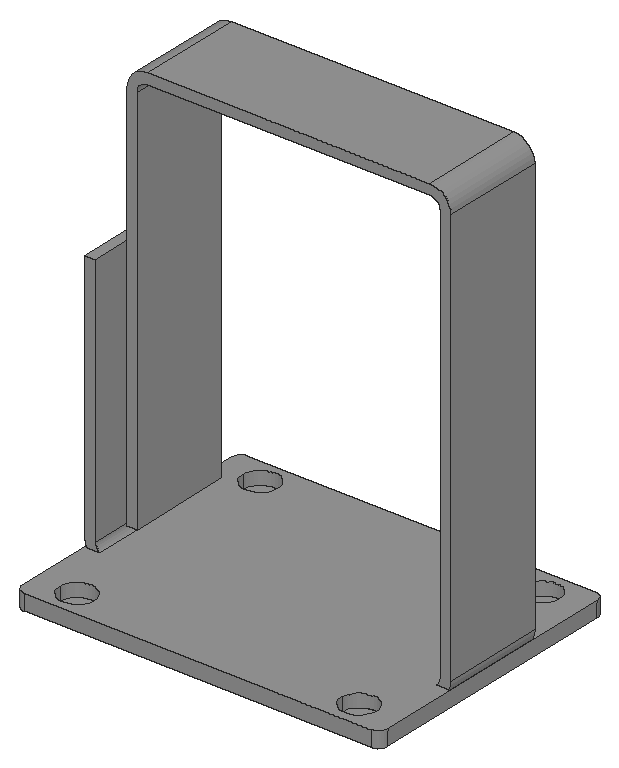
Revit family "ITK Кольцо кабельное с площадкой", category Обобщенные модели, Revit 2016
Family settings
  Тип детали = Нормальный
  Может служить основой для арматурных стержней = Нет
  Размер круглого соединителя = Использовать диаметр
  На основе рабочей плоскости = Нет
  Всегда вертикально = Да
  При загрузке вырезать с полостями = Нет
  Общий = Нет
  Точка расчета площади = Нет
Parameters
  Ширина = 70 mm
  Высота = 88 mm
  Описание = "Кабельные органайзеры, кольца и скобы ITK предназначены для организации кабеля и кабельных пучков в шкафах и стойках, обеспечивают их поддержку, гарантируют необходимый радиус изгиба коммутационных шнуров и кабеля при подведении их к оборудованию. При использовании кабельных организаторов и колец существенно снижается вероятность появления перегибов и изломов кабелей.\r\n\r\nКабельные кольца могут устанавливаться в любом месте шкафа, как на 19-дюймовые монтажные профили с фронтальной стороны или сбоку, так и на горизонтальные боковые профили, обеспечивая горизонтальную и вертикальную организацию кабеля. Монтаж осуществляется с помощью крепежа винт-шайба-гайка."  # constant formula
  Материал = Окраска - RAL 7035
  Type Comments = " "
  Изготовитель = "ITK"  # constant formula
  Глубина = 20 mm
  URL = "http://www.itk-group.ru/produktsiya/catalog/?page=section&id=568&pagen=1&pagec=100"
  ADSK_Примечание = ""
  ADSK_Позиция [instance] = ""
  ADSK_Наименование краткое = "CR35-7088-PL"
  ADSK_Наименование = "ITK Кольцо кабельное 70x88 мм с площадкой (компл. 4шт), серое"
  ADSK_Масса = 0
  ADSK_Марка = "CR35-7088-PL"
  ADSK_Код изделия = ""
  ADSK_Завод-изготовитель = "IEK"
  ADSK_Единица измерения = "шт"
  ADSK_Группирование = "I. ЩИТЫ И ПУЛЬТЫ"
Reference planes
  plane 1 "По центру (Вперед/Назад)": y = 0
  plane 2: z = 0
  plane 3 "По центру (Влево/Вправо)": x = 0
  plane 4: z = 88
  plane 5: z = 44
  plane 6: y = 10
  plane 7: y = -10
  plane 8: x = -70
  plane 9: x = -62
Forms (mm)
  Extrusion 1, solid, material "Окраска - RAL 7035" <- "Материал", detail levels fine
    sketch origin (-2000, -1, 1200) x (-1, 0, 0) y (0, 0, -1)
      loop
        line (-1930, 1147.504) -> (-1930, 1196)
        arc (-1930, 1196) -> (-1931.172, 1198.828) -> (-1934, 1200) r 4
        line (-1934, 1200) -> (-1996, 1200)
        arc (-1996, 1200) -> (-1998.828, 1198.828) -> (-2000, 1196) r 4
        line (-2000, 1196) -> (-2000, 1116)
        arc (-2000, 1116) -> (-1998.828, 1113.172) -> (-1996, 1112) r 4
        line (-1996, 1112) -> (-1942, 1112)
        arc (-1942, 1112) -> (-1939.172, 1113.172) -> (-1938, 1116) r 4
        line (-1938, 1116) -> (-1938, 1191.009) -> (-1940, 1191.009) -> (-1940, 1116)
        arc (-1940, 1116) -> (-1940.586, 1114.586) -> (-1942, 1114) r 2
        line (-1942, 1114) -> (-1996, 1114)
        arc (-1996, 1114) -> (-1997.414, 1114.586) -> (-1998, 1116) r 2
        line (-1998, 1116) -> (-1998, 1196)
        arc (-1998, 1196) -> (-1997.414, 1197.414) -> (-1996, 1198) r 2
        line (-1996, 1198) -> (-1934, 1198)
        arc (-1934, 1198) -> (-1932.586, 1197.414) -> (-1932, 1196) r 2
        line (-1932, 1196) -> (-1932, 1147.504) -> (-1930, 1147.504)
    from -11 to 9
  Extrusion 2, solid, material "Окраска - RAL 7035" <- "Материал", detail levels fine
    sketch origin (0, 0, 0) x (1, 0, 0) y (0, 1, 0)
      loop
        line (-70, 25) -> (-70, -25)
        arc (-70, -25) -> (-69.463, -26.297) -> (-68.166, -26.834) r 1.834
        line (-68.166, -26.834) -> (-1.845, -26.852)
        arc (-1.845, -26.852) -> (-0.537, -26.297) -> (0, -25) r 1.834
        line (0, -25) -> (0, 25)
        arc (0, 25) -> (-0.537, 26.297) -> (-1.834, 26.834) r 1.834
        line (-1.834, 26.834) -> (-68.155, 26.852)
        arc (-68.155, 26.852) -> (-69.463, 26.297) -> (-70, 25) r 1.834
    from -0.5 to 2.5
  Extrusion 3, void
    sketch origin (0, 0, 0) x (1, 0, 0) y (0, 1, 0)
      loop
        circle (-62, 21.919) r 3.421
      loop
        circle (-62, -21.919) r 3.421
      loop
        circle (-8, 21.919) r 3.421
      loop
        circle (-8, -21.919) r 3.421
    from 0 to 20
Cuts and joins
  Extrusion 3 cuts Extrusion 2
Dimensions and locks
  "Высота": plane 4 to plane 2
  equal spacing: plane 4, plane 5, plane 2
  equal spacing: plane 7, plane 1 "По центру (Вперед/Назад)", plane 6
  "Глубина": plane 7 to plane 6
  "Ширина": plane 3 "По центру (Влево/Вправо)" to plane 8
  locked: plane 9 to plane 8 at 8
  aligned and locked: level to plane 2
  aligned and locked: plane 4 to Extrusion 1 sketch curve
  aligned and locked: Extrusion 1 sketch curve to plane 2
  aligned and locked: plane 3 "По центру (Влево/Вправо)" to Extrusion 1 sketch curve
  aligned and locked: plane 6 to Extrusion 1
  aligned and locked: plane 7 to Extrusion 1
  aligned and locked: Extrusion 1 to plane 8
  aligned and locked: Extrusion 1 sketch curve to plane 9
  aligned and locked: Extrusion 2 sketch curve to plane 8
  aligned and locked: Extrusion 2 sketch curve to plane 3 "По центру (Влево/Вправо)"
Automatic sketch dimensions
  Extrusion 1 sketch curve to Extrusion 1 sketch curve = 0 mm  (x8)
  Extrusion 1 sketch curve to plane 8 = 0 mm
  Extrusion 1 sketch curve to Extrusion 1 sketch curve = 2 mm  (x2)
  plane 3 "По центру (Влево/Вправо)" to Extrusion 1 sketch curve = 4 mm
  plane 9 to Extrusion 1 sketch curve = 4 mm
  Extrusion 1 sketch curve to plane 8 = 4 mm
  Extrusion 1 sketch curve to Extrusion 1 sketch curve = 4.991 mm
  Extrusion 1 sketch curve to plane 5 = 8.496 mm
  Extrusion 2 sketch curve to Extrusion 2 sketch curve = 1.834 mm  (x2)
  Extrusion 2 sketch curve to plane 3 "По центру (Влево/Вправо)" = 1.834 mm  (x2)
  plane 7 to Extrusion 2 sketch curve = 15 mm  (x2)
  plane 6 to Extrusion 2 sketch curve = 15 mm  (x2)
  Extrusion 2 sketch curve to Extrusion 2 sketch curve = 0.011 mm  (x4)
  Extrusion 2 sketch curve to Extrusion 2 sketch curve = 0.018 mm  (x2)
  Extrusion 3 sketch curve to plane 9 = 0 mm  (x2)
  Extrusion 3 sketch curve to plane 3 "По центру (Влево/Вправо)" = 8 mm  (x2)
  plane 7 to Extrusion 3 sketch curve = 11.919 mm  (x2)
  plane 6 to Extrusion 3 sketch curve = 11.919 mm  (x2)
  radius of Extrusion 3 sketch curve = 3.421 mm  (x4)
Types in the file's own list only (6): name | Ширина | Высота | Материал | Глубина | ADSK_Наименование краткое | ADSK_Наименование | ADSK_Марка
  CR05-5044-PL | 50 мм | 44 мм | Окраска - RAL 9005 | 20 мм | "CR05-5044-PL" | "ITK Кольцо кабельное 50x44мм с площадкой (компл. 4шт), черное" | "CR05-5044-PL"
  CR05-7044-PL | 70 мм | 44 мм | Окраска - RAL 9005 | 20 мм | "CR05-7044-PL" | "ITK Кольцо кабельное 70x44 мм с площадкой (компл. 4шт), черное" | "CR05-7044-PL"
  CR05-7088-PL | 70 мм | 88 мм | Окраска - RAL 9005 | 20 мм | "CR05-7088-PL" | "ITK Кольцо кабельное 70x88 мм с площадкой (компл. 4шт), черное" | "CR05-7088-PL"
  CR35-5044-PL | 50 мм | 44 мм | Окраска - RAL 7035 | 20 мм | "CR35-5044-PL" | "ITK Кольцо кабельное 50x44 мм с площадкой (компл. 4шт), серое" | "CR35-5044-PL"
  CR35-7044-PL | 70 мм | 44 мм | Окраска - RAL 7035 | 20 мм | "CR35-7044-PL" | "ITK Кольцо кабельное 70x44 мм с площадкой (компл. 4шт), серое" | "CR35-7044-PL"
  CR35-7088-PL | 70 мм | 88 мм | Окраска - RAL 7035 | 20 мм | "CR35-7088-PL" | "ITK Кольцо кабельное 70x88 мм с площадкой (компл. 4шт), серое" | "CR35-7088-PL"
